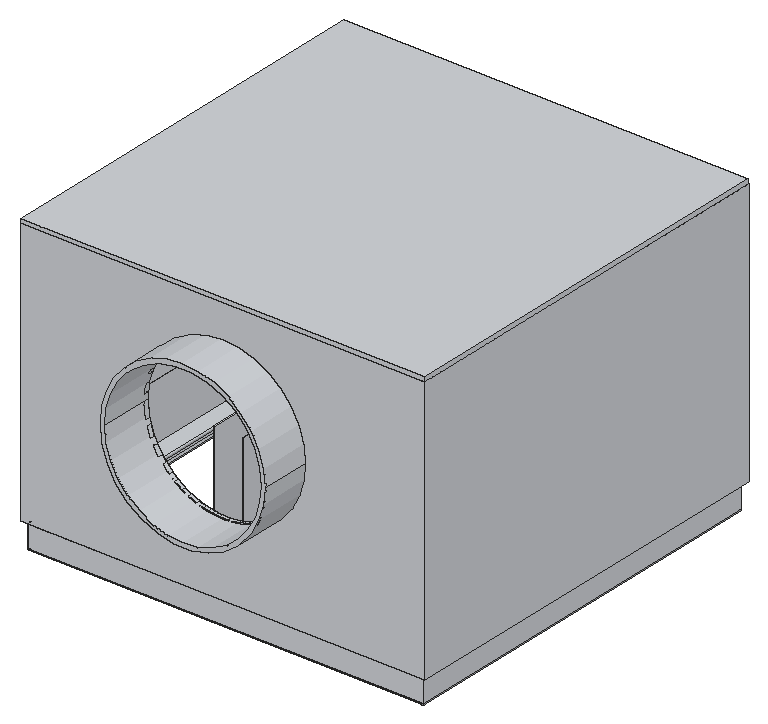
Revit family "C-SR-HC, C-SR-HC-A", category Mechanical Equipment, Revit 2015
Parameters
  URL = "http://unitedenertech.com/catalog/pdf/P-95%20%20C-SR-HC%20(-A).pdf-color.pdf"
  Type Comments = "Max. Size is (16\"l x 12\"w x 9-1/4\"h)"
  Track Length [instance] = Exact Length - 0' 0 3/16"  # 0' - 11 13/16"
  Model = "C-S/R-HC, C-S/R-HC-A"
  Manufacturer = "United Enertech Corporation"
  Keynote = "Round Inlet Shown, Consult Factory if a Model with an Oval Inlet is Required."
  Inlet Radius = 0' - 2 1/2"
  Inlet ID [instance] = Inlet Radius - 0' 0 1/8"  # 0' - 2 3/8"
  Height = 0' - 9"
  Exact Width = 1' - 0"
  Exact Length = 1' - 0"
  Description = "Rectangular Ceiling Damper"
  Blade Height [instance] = Exact Width / 2 - 0' 0 3/4"  # 0' - 5 1/4"
Reference planes (in)
  plane 1 "Center (Front/Back)": y = 0
  plane 2: z = 0
  plane 3 "Center (Left/Right)": x = 0
  plane 4: x = -6
  plane 5: x = 6
  plane 6: y = -6
  plane 7: y = 6
  plane 8: z = 5.25
  plane 9: z = 0.82115
  plane 10: y = -5.875
  plane 11: y = 5.875
  plane 12: y = -6.125
  plane 13: y = 6.125
  plane 14: x = -6.125
  plane 15: x = 6.125
  plane 16: z = 9
  plane 17: z = 8.875
  plane 18: z = 5.375
  plane 19: y = -7.625
Forms (in)
  Extrusion 1, solid
    sketch origin (-3.22557, 0, -2.40103) x (1, 0, 0) y (0, 0, 1)
      loop
        line (3.67769, 3.31415) -> (3.67769, 3.45261) -> (3.64253, 3.45261) -> (3.64253, 3.31415)
        arc (3.64253, 3.31415) -> (3.63351, 3.28115) -> (3.60896, 3.25734) r 0.06484
        line (3.60896, 3.25734) -> (3.49684, 3.25734)
        arc (3.49684, 3.25734) -> (3.38487, 3.43989) -> (3.54769, 3.57899) r 0.16484
        arc (3.54769, 3.57899) -> (3.64326, 3.61858) -> (3.68285, 3.71415) r 0.13516
        line (3.68285, 3.71415) -> (3.68285, 7.65103) -> (3.64769, 7.65103) -> (3.64769, 3.71415)
        arc (3.64769, 3.71415) -> (3.6184, 3.64343) -> (3.54769, 3.61415) r 0.1
        arc (3.54769, 3.61415) -> (3.34971, 3.4425) -> (3.49156, 3.22218) r 0.2
        line (3.49156, 3.22218) -> (3.61697, 3.22218)
        arc (3.61697, 3.22218) -> (3.66114, 3.25905) -> (3.67769, 3.31415) r 0.1
    from -5.875 to 5.875
  Extrusion 2, solid
    sketch origin (3.22557, 0, -2.40103) x (-1, 0, 0) y (0, 0, -1)
      loop
        arc (3.67769, -3.31415) -> (3.66114, -3.25905) -> (3.61697, -3.22218) r 0.1
        line (3.61697, -3.22218) -> (3.49156, -3.22218)
        arc (3.49156, -3.22218) -> (3.34971, -3.4425) -> (3.54769, -3.61415) r 0.2
        arc (3.54769, -3.61415) -> (3.6184, -3.64343) -> (3.64769, -3.71415) r 0.1
        line (3.64769, -3.71415) -> (3.64769, -7.65103) -> (3.68285, -7.65103) -> (3.68285, -3.71415)
        arc (3.68285, -3.71415) -> (3.64326, -3.61858) -> (3.54769, -3.57899) r 0.13516
        arc (3.54769, -3.57899) -> (3.38487, -3.43989) -> (3.49684, -3.25734) r 0.16484
        line (3.49684, -3.25734) -> (3.60896, -3.25734)
        arc (3.60896, -3.25734) -> (3.63351, -3.28115) -> (3.64253, -3.31415) r 0.06484
        line (3.64253, -3.31415) -> (3.64253, -3.45261) -> (3.67769, -3.45261) -> (3.67769, -3.31415)
    from -5.875 to 5.875
  Extrusion 3, solid
    sketch origin (0, 0, 0) x (1, 0, 0) y (0, 1, 0)
      loop
        line (-6, 6) -> (-6, -6) -> (6, -6) -> (6, 6) -> (-6, 6)
      loop
        line (-6.125, 6.125) -> (-6.125, -6.125) -> (6.125, -6.125) -> (6.125, 6.125) -> (-6.125, 6.125)
    from 0.7847 to 8.875
  Extrusion 4, solid
    sketch origin (0, 0, 0) x (1, 0, 0) y (0, 1, 0)
      loop
        line (-6.125, 6.125) -> (-6.125, -6.125) -> (6.125, -6.125) -> (6.125, 6.125) -> (-6.125, 6.125)
    from 8.875 to 9
  Extrusion 5, solid
    sketch origin (0, 0, 0) x (1, 0, 0) y (0, 0, 1)
      loop
        circle (0, 5.375) r 2.5
      loop
        circle (0, 5.375) r 2.375
    from 6 to 7.625
  Extrusion 6, void
    sketch origin (0, 0, 0) x (1, 0, 0) y (0, 0, 1)
      loop
        circle (0, 5.375) r 2.375
    from 6 to 7.625
Cuts and joins
  Extrusion 6 cuts Extrusion 1
  Extrusion 6 cuts Extrusion 2
  Extrusion 6 cuts Extrusion 3
  Extrusion 6 cuts Extrusion 5
Dimensions and locks (in)
  equal spacing: plane 4, plane 3 "Center (Left/Right)", plane 5
  "Exact Width": plane 4 to plane 5
  equal spacing: plane 7, plane 1 "Center (Front/Back)", plane 6
  "Exact Length": plane 7 to plane 6
  "Blade Height": plane 8 to level
  locked: plane 9 to level at 0.82115
  locked: plane 10 to plane 6 at 0.125
  locked: plane 11 to plane 7 at 0.125
  locked: plane 13 to plane 7 at 0.125
  locked: plane 12 to plane 6 at 0.125
  locked: plane 14 to plane 4 at 0.125
  locked: plane 5 to plane 15 at 0.125
  "Height": plane 16 to level
  locked: plane 16 to plane 17 at 0.125
  locked: plane 16 to plane 18 at 3.625
  locked: plane 12 to plane 19 at 1.5
  "Inlet Radius": radius of Extrusion 5 sketch curve
  "Inlet ID": radius of Extrusion 5 sketch curve
  "Inlet ID": radius of Extrusion 6 sketch curve
  aligned and locked: level to plane 2
  aligned and locked: plane 3 "Center (Left/Right)" to nested 1
  aligned and locked: plane 7 to nested 1
  aligned and locked: plane 6 to nested 2
  aligned and locked: plane 1 "Center (Front/Back)" to nested 3
  aligned and locked: nested 4 to plane 4
  aligned and locked: plane 5 to nested 3
  aligned and locked: plane 1 "Center (Front/Back)" to nested 5
  aligned and locked: Extrusion 1 sketch curve to plane 9
  aligned and locked: Extrusion 1 sketch curve to plane 8
  aligned and locked: Extrusion 1 to plane 10
  aligned and locked: Extrusion 1 to plane 11
  aligned and locked: Extrusion 2 to plane 11
  aligned and locked: Extrusion 2 to plane 10
  aligned and locked: Extrusion 3 sketch curve to plane 13
  aligned and locked: Extrusion 3 sketch curve to plane 12
  aligned and locked: plane 14 to Extrusion 3 sketch curve
  aligned and locked: plane 15 to Extrusion 3 sketch curve
  aligned and locked: Extrusion 3 sketch curve to plane 5
  aligned and locked: Extrusion 3 sketch curve to plane 4
  aligned and locked: plane 6 to Extrusion 3 sketch curve
  aligned and locked: Extrusion 3 sketch curve to plane 7
  aligned and locked: Extrusion 3 to nested 1
  aligned and locked: plane 17 to Extrusion 3
  aligned and locked: Extrusion 4 sketch curve to plane 13
  aligned and locked: plane 14 to Extrusion 4 sketch curve
  aligned and locked: plane 15 to Extrusion 4 sketch curve
  aligned and locked: Extrusion 4 sketch curve to plane 12
  aligned and locked: Extrusion 4 to plane 17
  aligned and locked: plane 16 to Extrusion 4
  aligned and locked: plane 6 to Extrusion 5
  aligned and locked: Extrusion 5 to plane 19
  aligned and locked: plane 6 to Extrusion 6
  aligned and locked: Extrusion 6 to plane 19
Automatic sketch dimensions
  Extrusion 1 sketch curve to Extrusion 1 sketch curve = 0' - 0"  (x6)
  plane 3 "Center (Left/Right)" to Extrusion 1 sketch curve = 0' - 0.26599"
  Extrusion 1 sketch curve to Extrusion 1 sketch curve = 0' - 0.00528"
  Extrusion 1 sketch curve to Extrusion 1 sketch curve = 0' - 0.05085"
  Extrusion 1 sketch curve to Extrusion 1 sketch curve = 0' - 0.08085"
  plane 9 to Extrusion 1 sketch curve = 0' - 0 9/256"
  Extrusion 1 sketch curve to Extrusion 1 sketch curve = 0' - 0.03127"
  Extrusion 1 sketch curve to Extrusion 1 sketch curve = 0' - 0.00801"
  Extrusion 1 sketch curve to Extrusion 1 sketch curve = 0' - 0.09484"
  plane 3 "Center (Left/Right)" to Extrusion 1 sketch curve = 0' - 0.42212"
  Extrusion 1 sketch curve to Extrusion 1 sketch curve = 0' - 0 9/256"
  Extrusion 1 sketch curve to Extrusion 1 sketch curve = 0' - 0.1"  (x2)
  Extrusion 1 sketch curve to Extrusion 1 sketch curve = 0' - 0.03847"
  Extrusion 2 sketch curve to Extrusion 2 sketch curve = 0' - 0"  (x6)
  Extrusion 2 sketch curve to plane 9 = 0' - 0"
  Extrusion 2 sketch curve to plane 8 = 0' - 0"
  plane 3 "Center (Left/Right)" to Extrusion 2 sketch curve = 0' - 0.26599"
  Extrusion 2 sketch curve to Extrusion 2 sketch curve = 0' - 0.00528"
  Extrusion 2 sketch curve to Extrusion 2 sketch curve = 0' - 0.05085"
  Extrusion 2 sketch curve to Extrusion 2 sketch curve = 0' - 0.08085"
  Extrusion 2 sketch curve to plane 9 = 0' - 0 9/256"
  Extrusion 2 sketch curve to Extrusion 2 sketch curve = 0' - 0.03127"
  Extrusion 2 sketch curve to Extrusion 2 sketch curve = 0' - 0.00801"
  Extrusion 2 sketch curve to Extrusion 2 sketch curve = 0' - 0.09484"
  plane 3 "Center (Left/Right)" to Extrusion 2 sketch curve = 0' - 0.42212"
  Extrusion 2 sketch curve to Extrusion 2 sketch curve = 0' - 0 9/256"
  Extrusion 2 sketch curve to Extrusion 2 sketch curve = 0' - 0.1"  (x2)
  Extrusion 2 sketch curve to Extrusion 2 sketch curve = 0' - 0.03847"
  Extrusion 5 sketch curve to Extrusion 5 sketch curve = 0' - 0"  (x2)
  Extrusion 5 sketch curve to plane 3 "Center (Left/Right)" = 0' - 0"
  Extrusion 5 sketch curve to plane 18 = 0' - 0"
  Extrusion 6 sketch curve to plane 3 "Center (Left/Right)" = 0' - 0"
  Extrusion 6 sketch curve to plane 18 = 0' - 0"
Nested families (in)
  nested 1: "C-SR FRAME 1" at (0, 3.96484, -0.25013), type "C-SR FRAME 1"
    with Frame Length 1' - 0"
  nested 2: "C-SR FRAME 1" at (0, -3.96484, -0.25013), type "C-SR FRAME 1"
    with Frame Length 1' - 0"
  nested 3: "C-SR FRAME" at (3.96484, 0, -0.25013) x (0, -1, 0) z (0, 0, 1), type "C-SR FRAME"
    with Frame Length 1' - 0"
  nested 4: "C-SR FRAME" at (-3.96484, 0, -0.24845) x (0, -1, 0) z (0, 0, 1), type "C-SR FRAME"
    with Frame Length 1' - 0"
  nested 5: "CRD Track" at (1.0397, 0, 0.79202) x (0, -1, 0) z (0, 0, 1), type "CRD Track"
    with Track Length 0' - 11 13/16"
Definition of nested family "C-SR FRAME 1"
  Parameters (values of type "C-SR FRAME 1")
    Frame Length = 2' - 0"
  Reference planes (in)
    plane 1 "Center (Front/Back)": y = 0
    plane 2: z = 0
    plane 3 "Center (Left/Right)": x = 0
    plane 4: x = -12
    plane 5: x = 12
  Forms (in)
    Extrusion 1, solid
      sketch origin (0, 3.63966, -0.3957) x (0, 1, 0) y (0, 0, 1)
        loop
          line (-1.6045, 1.44089) -> (-1.6045, 3.1457) -> (-1.63966, 3.1457) -> (-1.63966, 1.43053) -> (-2.19698, 1.43786)
          arc (-2.19698, 1.43786) -> (-2.23913, 1.3957) -> (-2.19698, 1.35355) r 0.04215
          line (-2.19698, 1.35355) -> (-1.63966, 1.36048) -> (-1.63966, 0.75024) -> (-1.66408, 0.77073) -> (-1.67798, 0.6889)
          arc (-1.67798, 0.6889) -> (-1.64461, 0.64584) -> (-1.6045, 0.6827) r 0.037
          line (-1.6045, 0.6827) -> (-1.6045, 1.35051)
          arc (-1.6045, 1.35051) -> (-1.61782, 1.38247) -> (-1.64988, 1.39551) r 0.045
          arc (-1.64988, 1.39551) -> (-1.61779, 1.4088) -> (-1.6045, 1.44089) r 0.04538
      from -12 to 12
    Extrusion 2, void
      sketch origin (0, 0, 0) x (1, 0, 0) y (0, 1, 0)
        loop
          line (-12, 2.03516) -> (-12, 0) -> (-9.96484, 0) -> (-12, 2.03516)
      from 0 to 12
    Extrusion 3, void
      sketch origin (0, 0, 0) x (-1, 0, 0) y (0, -1, 0)
        loop
          line (-12, -2.03516) -> (-9.96484, 0) -> (-12, 0) -> (-12, -2.03516)
      from 0 to 12
  Cuts and joins
    Extrusion 2, Extrusion 3 cuts Extrusion 1
  Dimensions and locks (in)
    equal spacing: plane 4, plane 3 "Center (Left/Right)", plane 5
    "Frame Length": plane 4 to plane 5
    aligned and locked: level to plane 2
    aligned and locked: plane 4 to Extrusion 1
    aligned and locked: plane 5 to Extrusion 1
  Automatic sketch dimensions
    Extrusion 1 sketch curve to plane 1 "Center (Front/Back)" = 0' - 1.44268"
    level to Extrusion 1 sketch curve = 0' - 0.2932"
    Extrusion 1 sketch curve to Extrusion 1 sketch curve = 0' - 0.519"
    level to Extrusion 1 sketch curve = 0' - 0.37502"
    Extrusion 1 sketch curve to Extrusion 1 sketch curve = 0' - 0.0139"
    Extrusion 1 sketch curve to Extrusion 1 sketch curve = 0' - 0.54709"
    Extrusion 1 sketch curve to Extrusion 1 sketch curve = 0' - 0.00038"
    Extrusion 1 sketch curve to Extrusion 1 sketch curve = 0' - 0.03648"
    Extrusion 1 sketch curve to Extrusion 1 sketch curve = 0' - 0.01023"
    level to Extrusion 1 sketch curve = 0' - 0.96478"
    Extrusion 1 sketch curve to Extrusion 1 sketch curve = 0' - 0.00984"
    Extrusion 1 sketch curve to Extrusion 1 sketch curve = 0' - 0 9/256"
    Extrusion 1 sketch curve to Extrusion 1 sketch curve = 0' - 0.037"
    Extrusion 1 sketch curve to Extrusion 1 sketch curve = 0' - 0.02049"
    Extrusion 1 sketch curve to Extrusion 1 sketch curve = 0' - 0.00997"
    Extrusion 1 sketch curve to Extrusion 1 sketch curve = 0' - 0.00304"
    Extrusion 1 sketch curve to Extrusion 1 sketch curve = 0' - 0.04215"
    Extrusion 1 sketch curve to Extrusion 1 sketch curve = 0' - 0.01036"
    Extrusion 1 sketch curve to Extrusion 1 sketch curve = 0' - 1.70481"
    plane 1 "Center (Front/Back)" to Extrusion 2 sketch curve = 0' - 0"
    Extrusion 2 sketch curve to plane 4 = 0' - 0"
    Extrusion 2 sketch curve to plane 4 = 0' - 2 9/256"
    Extrusion 2 sketch curve to Extrusion 2 sketch curve = 0' - 2 9/256"
    plane 1 "Center (Front/Back)" to Extrusion 3 sketch curve = 0' - 0"
    Extrusion 3 sketch curve to plane 5 = 0' - 0"
    Extrusion 3 sketch curve to Extrusion 3 sketch curve = 0' - 2 9/256"  (x2)
Definition of nested family "C-SR FRAME"
  Parameters (values of type "C-SR FRAME")
    Frame Length = 2' - 0"
  Reference planes (in)
    plane 1 "Center (Front/Back)": y = 0
    plane 2: z = 0
    plane 3 "Center (Left/Right)": x = 0
    plane 4: x = -12
    plane 5: x = 12
  Forms (in)
    Extrusion 1, solid
      sketch origin (0, 3.63966, -0.3957) x (0, 1, 0) y (0, 0, 1)
        loop
          line (-1.6045, 1.44089) -> (-1.6045, 3.1457) -> (-1.63966, 3.1457) -> (-1.63966, 1.43053) -> (-2.19698, 1.43786)
          arc (-2.19698, 1.43786) -> (-2.23913, 1.3957) -> (-2.19698, 1.35355) r 0.04215
          line (-2.19698, 1.35355) -> (-1.63966, 1.36048) -> (-1.63966, 0.75024) -> (-1.66408, 0.77073) -> (-1.67798, 0.6889)
          arc (-1.67798, 0.6889) -> (-1.64461, 0.64584) -> (-1.6045, 0.6827) r 0.037
          line (-1.6045, 0.6827) -> (-1.6045, 1.35051)
          arc (-1.6045, 1.35051) -> (-1.61782, 1.38247) -> (-1.64988, 1.39551) r 0.045
          arc (-1.64988, 1.39551) -> (-1.61779, 1.4088) -> (-1.6045, 1.44089) r 0.04538
      from -12 to 12
    Extrusion 2, void
      sketch origin (0, 0, 0) x (1, 0, 0) y (0, 1, 0)
        loop
          line (-12, 2.03516) -> (-12, 0) -> (-9.96484, 0) -> (-12, 2.03516)
      from 0 to 12
    Extrusion 3, void
      sketch origin (0, 0, 0) x (-1, 0, 0) y (0, -1, 0)
        loop
          line (-12, -2.03516) -> (-9.96484, 0) -> (-12, 0) -> (-12, -2.03516)
      from 0 to 12
  Cuts and joins
    Extrusion 2, Extrusion 3 cuts Extrusion 1
  Dimensions and locks (in)
    equal spacing: plane 4, plane 3 "Center (Left/Right)", plane 5
    "Frame Length": plane 4 to plane 5
    aligned and locked: level to plane 2
    aligned and locked: plane 4 to Extrusion 1
    aligned and locked: plane 5 to Extrusion 1
  Automatic sketch dimensions
    Extrusion 1 sketch curve to plane 1 "Center (Front/Back)" = 0' - 1.44268"
    level to Extrusion 1 sketch curve = 0' - 0.2932"
    Extrusion 1 sketch curve to Extrusion 1 sketch curve = 0' - 0.519"
    level to Extrusion 1 sketch curve = 0' - 0.37502"
    Extrusion 1 sketch curve to Extrusion 1 sketch curve = 0' - 0.0139"
    Extrusion 1 sketch curve to Extrusion 1 sketch curve = 0' - 0.54709"
    Extrusion 1 sketch curve to Extrusion 1 sketch curve = 0' - 0.00038"
    Extrusion 1 sketch curve to Extrusion 1 sketch curve = 0' - 0.03648"
    Extrusion 1 sketch curve to Extrusion 1 sketch curve = 0' - 0.01023"
    level to Extrusion 1 sketch curve = 0' - 0.96478"
    Extrusion 1 sketch curve to Extrusion 1 sketch curve = 0' - 0.00984"
    Extrusion 1 sketch curve to Extrusion 1 sketch curve = 0' - 0 9/256"
    Extrusion 1 sketch curve to Extrusion 1 sketch curve = 0' - 0.037"
    Extrusion 1 sketch curve to Extrusion 1 sketch curve = 0' - 0.02049"
    Extrusion 1 sketch curve to Extrusion 1 sketch curve = 0' - 0.00997"
    Extrusion 1 sketch curve to Extrusion 1 sketch curve = 0' - 0.00304"
    Extrusion 1 sketch curve to Extrusion 1 sketch curve = 0' - 0.04215"
    Extrusion 1 sketch curve to Extrusion 1 sketch curve = 0' - 0.01036"
    Extrusion 1 sketch curve to Extrusion 1 sketch curve = 0' - 1.70481"
    plane 1 "Center (Front/Back)" to Extrusion 2 sketch curve = 0' - 0"
    Extrusion 2 sketch curve to plane 4 = 0' - 0"
    Extrusion 2 sketch curve to plane 4 = 0' - 2 9/256"
    Extrusion 2 sketch curve to Extrusion 2 sketch curve = 0' - 2 9/256"
    plane 1 "Center (Front/Back)" to Extrusion 3 sketch curve = 0' - 0"
    Extrusion 3 sketch curve to plane 5 = 0' - 0"
    Extrusion 3 sketch curve to Extrusion 3 sketch curve = 0' - 2 9/256"  (x2)
Definition of nested family "CRD Track"
  Parameters (values of type "CRD Track")
    Track Length = 0' - 11 1/2"
  Reference planes (in)
    plane 1 "Center (Front/Back)": y = 0
    plane 2: z = 0
    plane 3 "Center (Left/Right)": x = 0
    plane 4: x = -5.75
    plane 5: x = 5.75
    plane 6: x = -5.7859
    plane 7: x = 5.7859
    plane 8: z = 0.5
    plane 9: y = -0.7897
    plane 10: y = -1.2897
    plane 11: x = 5.25
    plane 12: x = -5.25
  Forms (in)
    Extrusion 1, solid
      sketch origin (0, 2.51089, -1.29923) x (0, 1, 0) y (0, 0, 1)
        loop
          arc (-3.55059, 1.29923) -> (-3.30873, 1.30598) -> (-3.06763, 1.32622) r 4.33445
          arc (-3.06763, 1.32622) -> (-3.03891, 1.3374) -> (-3.01954, 1.36136) r 0.06
          arc (-3.01954, 1.36136) -> (-3.0102, 1.49991) -> (-3.09301, 1.61139) r 0.2008
          arc (-3.09301, 1.61139) -> (-3.14853, 1.61336) -> (-3.18187, 1.56892) r 0.06
          line (-3.18187, 1.56892) -> (-3.20309, 1.43923) -> (-3.16839, 1.43355) -> (-3.14717, 1.56324)
          arc (-3.14717, 1.56324) -> (-3.13377, 1.58144) -> (-3.11117, 1.58126) r 0.02484
          arc (-3.11117, 1.58126) -> (-3.04188, 1.48234) -> (-3.05816, 1.36268) r 0.16564
          arc (-3.05816, 1.36268) -> (-3.30397, 1.34146) -> (-3.55059, 1.33438) r 4.2993
          arc (-3.55059, 1.33438) -> (-3.79721, 1.34146) -> (-4.04302, 1.36268) r 4.2993
          arc (-4.04302, 1.36268) -> (-4.0593, 1.48234) -> (-3.99001, 1.58126) r 0.16564
          arc (-3.99001, 1.58126) -> (-3.9674, 1.58144) -> (-3.95401, 1.56324) r 0.02484
          line (-3.95401, 1.56324) -> (-3.93278, 1.43355) -> (-3.89809, 1.43923) -> (-3.91931, 1.56892)
          arc (-3.91931, 1.56892) -> (-3.95265, 1.61336) -> (-4.00817, 1.61139) r 0.06
          arc (-4.00817, 1.61139) -> (-4.09098, 1.49991) -> (-4.08164, 1.36136) r 0.2008
          arc (-4.08164, 1.36136) -> (-4.06226, 1.3374) -> (-4.03355, 1.32622) r 0.06
          arc (-4.03355, 1.32622) -> (-3.79245, 1.30598) -> (-3.55059, 1.29923) r 4.33445
      from -5.75 to 5.75
    Extrusion 2, solid
      sketch origin (2.39415, 1.36935, 0) x (1, 0, 0) y (0, 1, 0)
        loop
          line (-8.18005, -2.65905) -> (-8.14415, -2.65905) -> (-8.14415, -2.15905) -> (-8.18005, -2.15905) -> (-8.18005, -2.65905)
      from 0 to 0.5
    Extrusion 3, solid
      sketch origin (-2.39415, 1.36935, 0) x (-1, 0, 0) y (0, -1, 0)
        loop
          line (-8.18005, 2.65905) -> (-8.18005, 2.15905) -> (-8.14415, 2.15905) -> (-8.14415, 2.65905) -> (-8.18005, 2.65905)
      from 0 to 0.5
    Extrusion 4, solid
      sketch origin (0, 0, 0) x (0, 1, 0) y (0, 0, 1)
        loop
          line (-0.7897, 0.5) -> (-1.2897, 0.5) -> (-1.2897, 0.4641) -> (-0.7897, 0.4641) -> (-0.7897, 0.5)
      from 5.25 to 5.75
    Extrusion 5, solid
      sketch origin (0, 0, 0) x (0, 1, 0) y (0, 0, -1)
        loop
          line (-0.7897, -0.5) -> (-0.7897, -0.4641) -> (-1.2897, -0.4641) -> (-1.2897, -0.5) -> (-0.7897, -0.5)
      from 5.25 to 5.75
  Dimensions and locks (in)
    equal spacing: plane 4, plane 3 "Center (Left/Right)", plane 5
    "Track Length": plane 4 to plane 5
    locked: plane 5 to plane 7 at 0.0359
    locked: plane 6 to plane 4 at 0.0359
    locked: plane 8 to level at 0.5
    locked: plane 11 to plane 5 at 0.5
    locked: plane 4 to plane 12 at 0.5
    aligned and locked: level to plane 2
    aligned and locked: plane 4 to Extrusion 1
    aligned and locked: plane 5 to Extrusion 1
    aligned and locked: Extrusion 2 to plane 4
    aligned and locked: Extrusion 3 to plane 5
    aligned and locked: plane 8 to Extrusion 2
    aligned and locked: plane 8 to Extrusion 3
    aligned and locked: plane 11 to Extrusion 4
    aligned and locked: plane 5 to Extrusion 4
    aligned and locked: plane 12 to Extrusion 5
    aligned and locked: plane 4 to Extrusion 5
  Automatic sketch dimensions
    Extrusion 1 sketch curve to Extrusion 1 sketch curve = 0' - 0"  (x23)
    Extrusion 1 sketch curve to level = 0' - 0"
    level to Extrusion 1 sketch curve = 0' - 0.08662"  (x2)
    Extrusion 1 sketch curve to plane 10 = 0' - 0.22627"
    Extrusion 1 sketch curve to plane 10 = 0' - 0.17794"
    Extrusion 1 sketch curve to Extrusion 1 sketch curve = 0' - 0.02452"  (x2)
    Extrusion 1 sketch curve to Extrusion 1 sketch curve = 0' - 0.09408"  (x2)
    Extrusion 1 sketch curve to Extrusion 1 sketch curve = 0' - 0.03469"  (x3)
    Extrusion 1 sketch curve to Extrusion 1 sketch curve = 0' - 0.03446"
    Extrusion 1 sketch curve to Extrusion 1 sketch curve = 0' - 0.00023"  (x2)
    Extrusion 1 sketch curve to plane 9 = 0' - 0 1/4"
    plane 9 to Extrusion 1 sketch curve = 0' - 0.0975"
    plane 9 to Extrusion 1 sketch curve = 0' - 0.11872"
    Extrusion 1 sketch curve to Extrusion 1 sketch curve = 0' - 0.04771"  (x2)
    Extrusion 1 sketch curve to Extrusion 1 sketch curve = 0' - 0.00568"  (x2)
    Extrusion 1 sketch curve to Extrusion 1 sketch curve = 0' - 0.00408"  (x2)
    Extrusion 1 sketch curve to Extrusion 1 sketch curve = 0' - 0.00401"  (x2)
    plane 8 to Extrusion 1 sketch curve = 0' - 3.83445"
    Extrusion 1 sketch curve to Extrusion 1 sketch curve = 0' - 0.01616"
    Extrusion 1 sketch curve to Extrusion 1 sketch curve = 0' - 0.01148"  (x2)
    Extrusion 1 sketch curve to Extrusion 1 sketch curve = 0' - 0.01817"
    Extrusion 2 sketch curve to plane 6 = 0' - 0"
    Extrusion 2 sketch curve to plane 4 = 0' - 0"
    Extrusion 2 sketch curve to plane 10 = 0' - 0"
    Extrusion 2 sketch curve to plane 9 = 0' - 0"
    Extrusion 3 sketch curve to plane 7 = 0' - 0"
    Extrusion 3 sketch curve to plane 5 = 0' - 0"
    Extrusion 3 sketch curve to plane 10 = 0' - 0"
    Extrusion 3 sketch curve to plane 9 = 0' - 0"
    Extrusion 4 sketch curve to plane 8 = 0' - 0"
    Extrusion 4 sketch curve to plane 10 = 0' - 0"
    Extrusion 4 sketch curve to plane 9 = 0' - 0"
    Extrusion 4 sketch curve to Extrusion 4 sketch curve = 0' - 0.0359"
    Extrusion 5 sketch curve to plane 8 = 0' - 0"
    Extrusion 5 sketch curve to plane 10 = 0' - 0"
    Extrusion 5 sketch curve to plane 9 = 0' - 0"
    Extrusion 5 sketch curve to Extrusion 5 sketch curve = 0' - 0.0359"
